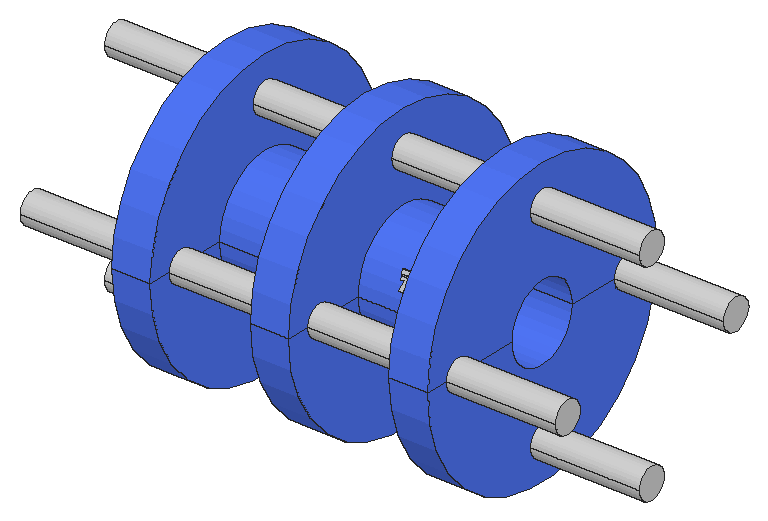
Revit family "873-00-002-DN40-50", category Pipe Accessories, Revit 2019
Family settings
  Round Connector Dimension = Use Diameter
  Part Type = Valve - Breaks Into
  Work Plane-Based = No
  Always vertical = Yes
  Cut with Voids When Loaded = No
  Shared = No
Parameters (values of type "DN40")
  d2 = size_lookup(Search_table, "d2", 0 mm, DN) / 2  # 75 mm
  d1 = size_lookup(Search_table, "d1", 0 mm, DN)  # 110 mm
  URL product pages = "https://www.avkvalves.com/P.aspx?no=873004000141000"
  T = size_lookup(Search_table, "T", 0 mm, DN)  # 16 mm
  L = size_lookup(Search_table, "L", 0 mm, DN)  # 280 mm
  Id(Radius) = DN / 2  # 20 mm
  Flange_thickness = 20 mm  # constant formula
  Description_ = "AVK DISMANTLING JOINT"
  DN = 40 mm
  Search_table = "873-00-002-DN40-50"
  Body_Wallthicknss = 10 mm  # constant formula
  A = size_lookup(Search_table, "A", 0 mm, DN)  # 165 mm
  873-0050-00-741000 = "DN50_PN25"
  873-0040-00-741000 = "DN40_PN25"
Types (3, lengths in mm): name | d2 | d1 | URL product pages | L | Id(Radius) | DN | A
  (no name) | 75 | 110 | "https://www.avkvalves.com/P.aspx?no=873004000141000" | 280 | 20 | 40 | 165
  DN40 | 75 | 110 | "https://www.avkvalves.com/P.aspx?no=873004000141000" | 280 | 20 | 40 | 165
  DN50 | 82.5 | 125 | "https://www.avkvalves.com/P.aspx?no=873004000741000" | 330 | 25 | 50 | 190
Reference planes
  plane 1 "Center (Front/Back)": y = 0
  plane 2: z = 0
  plane 3 "Center (Left/Right)": x = 0
  plane 4: y = 32.5
  plane 5: y = -30
  plane 6: z = 55
  plane 7: z = -55
  plane 8: y = 55
  plane 9: y = -55
  plane 10: x = -140
  plane 11: x = 140
  plane 12: z = 75
  plane 13: z = -75
  plane 14: x = -82.5
  plane 15: x = 82.5
Forms (mm)
  Revolve 1, solid, material "Plastic"
    sketch origin (0, 0, 0) x (1, 0, 0) y (0, 1, 0)
      loop
        line (-62.5, 75) -> (-82.5, 75) -> (-82.5, 20) -> (82.5, 20) -> (82.5, 75) -> (62.5, 75) -> (62.5, 30) -> (10, 30) -> (10, 75) -> (-10, 75) -> (-10, 30) -> (-62.5, 30) -> (-62.5, 75)
      axis (-82.5, 0) -> (82.5, 0)
    angle from 0 to 360
  Extrusion 2, solid, material "Stainless Steel AISI 304"
    sketch origin (0, 0, 0) x (0, 1, 0) y (0, 0, 1)
      loop
        circle (0, 55) r 8
      loop
        circle (-55, 0) r 8
      loop
        circle (0, -55) r 8
      loop
        circle (55, 0) r 8
    from -140 to 140
Dimensions and locks
  "Flange_thickness": Revolve 1 sketch curve to Revolve 1 sketch curve  (x3)
  equal spacing: Revolve 1 sketch curve, plane 3 "Center (Left/Right)", Revolve 1 sketch curve  (x2)
  "A": Revolve 1 sketch curve to Revolve 1 sketch curve
  "Id(Radius)": plane 1 "Center (Front/Back)" to Revolve 1 sketch curve
  "Body_Wallthicknss": Revolve 1 sketch curve to Revolve 1 sketch curve
  "d2": plane 1 "Center (Front/Back)" to Revolve 1 sketch curve
  equal spacing: plane 6, level, plane 7
  equal spacing: plane 8, plane 1 "Center (Front/Back)", plane 9
  "d1": plane 8 to plane 9
  "d1": plane 6 to plane 7
  equal spacing: Extrusion 2 sketch curve, level, Extrusion 2 sketch curve
  equal spacing: Extrusion 2 sketch curve, plane 1 "Center (Front/Back)", Extrusion 2 sketch curve
  "d1": Extrusion 2 sketch curve to Extrusion 2 sketch curve  (x2)
  equal spacing: plane 11, plane 3 "Center (Left/Right)", plane 10
  "L": plane 11 to plane 10
  plane 6 to plane 7 = 110 mm
  equal spacing: plane 12, level, plane 13
  "d2": level to plane 13
  plane 12 to plane 13 = 150 mm
  equal spacing: plane 15, plane 3 "Center (Left/Right)", plane 14
  "A": plane 15 to plane 14
  "T": diameter of Extrusion 2 sketch curve  (x4)
  aligned and locked: level to plane 2
  aligned and locked: Revolve 1 sketch curve to Revolve 1 sketch curve  (x3)
  aligned and locked: plane 1 "Center (Front/Back)" to Revolve 1 sketch curve
  aligned and locked: Extrusion 2 to plane 10
  aligned and locked: plane 11 to Extrusion 2
Automatic sketch dimensions
  Revolve 1 sketch curve to plane 3 "Center (Left/Right)" = 37.5 mm
  plane 3 "Center (Left/Right)" to Revolve 1 sketch curve = 37.5 mm
  Extrusion 2 sketch curve to plane 1 "Center (Front/Back)" = 0 mm  (x2)
  Extrusion 2 sketch curve to level = 0 mm  (x2)
Nested families
  nested 1: "Latest 1 - Copy" at (40.993, -28.503, 9.359) x (1, 0, 0) z (0, -0.9501, 0.312), type "Latest 1 - Copy"
Connectors
  piping at (82.5, 0, 0), diameter 40, driven by "DN"
    settings: on Revolve 1, index 1, connector inside diameter 609.6 mm, connector length 0 mm, flow factor 0, pipe flow 0.0 L/s, pressure drop 0.0 Pa, fitting loss kfactor 0, connector angle 0.00°, fixture units 0, engagement length 0 mm, angle of deflection 0.00°, flow configuration 0, flow direction 0, fitting loss method 0, system type 7, joint type 0, gender type 0, connector reference index -1, connector utility 0, adjustable connector no, is connector primary yes, connector description ""
  piping at (-82.5, 0, 0), diameter 40, driven by "DN"
    settings: on Revolve 1, index 2, connector inside diameter 609.6 mm, connector length 0 mm, flow factor 0, pipe flow 0.0 L/s, pressure drop 0.0 Pa, fitting loss kfactor 0, connector angle 0.00°, fixture units 0, engagement length 0 mm, angle of deflection 0.00°, flow configuration 0, flow direction 0, fitting loss method 0, system type 7, joint type 0, gender type 0, connector reference index -1, connector utility 0, adjustable connector no, is connector primary no, connector description ""
Definition of nested family "Latest 1 - Copy"
  Parameters
    Default Elevation = 1219.2 mm
  Reference planes
    plane 1 "Center (Front/Back)": y = 0
    plane 2: z = 0
    plane 3 "Center (Left/Right)": x = 0
  Forms (mm)
    Extrusion 1, solid
      sketch origin (0, 0, 0) x (1, 0, 0) y (0, 1, 0)
        loop
          line (-1219.2, 1219.2) -> (-1219.2, -1219.2) -> (1219.2, -1219.2) -> (1219.2, 1219.2) -> (-1219.2, 1219.2)
      from 0 to -304.8
    Extrusion 2, solid
      sketch origin (0, 0, 0) x (1, 0, 0) y (0, 1, 0)
        loop
          line (-2.683, 9.413) -> (-9.884, 9.413) -> (-9.884, 7.46) -> (-4.022, 7.46) -> (-0.985, 0) -> (0.985, 0) -> (4.022, 7.46) -> (9.884, 7.46) -> (9.884, 9.413) -> (2.683, 9.413) -> (0, 2.824) -> (-2.683, 9.413)
        loop
          line (-4.528, 6.707) -> (-9.884, 6.707) -> (-9.884, 4.824) -> (-8.032, 4.824) -> (-9.884, 0) -> (-7.792, 0) -> (-7.394, 1.035) -> (-4.328, 1.035) -> (-3.907, 0) -> (-1.798, 0) -> (-4.528, 6.707)
        loop
          line (-6.91, 2.824) -> (-5.056, 2.824) -> (-6.01, 5.167) -> (-6.91, 2.824)
        loop
          line (1.798, 0) -> (3.907, 0) -> (4.98, 2.637) -> (6.968, 0) -> (9.413, 0) -> (7.166, 2.983)
          arc (7.166, 2.983) -> (8.216, 3.774) -> (9.007, 4.824) r 4.724
          line (9.007, 4.824) -> (9.884, 4.824) -> (9.884, 6.707) -> (8.001, 6.707)
          arc (8.001, 6.707) -> (7.315, 5.008) -> (5.642, 4.261) r 2.448
          line (5.642, 4.261) -> (6.637, 6.707) -> (4.528, 6.707) -> (1.798, 0)
      from 0 to 1
  Dimensions and locks
    aligned and locked: plane 2 to Extrusion 1
    aligned and locked: level to Extrusion 1
    aligned and locked: Extrusion 2 sketch curve to import instance  (x30)
